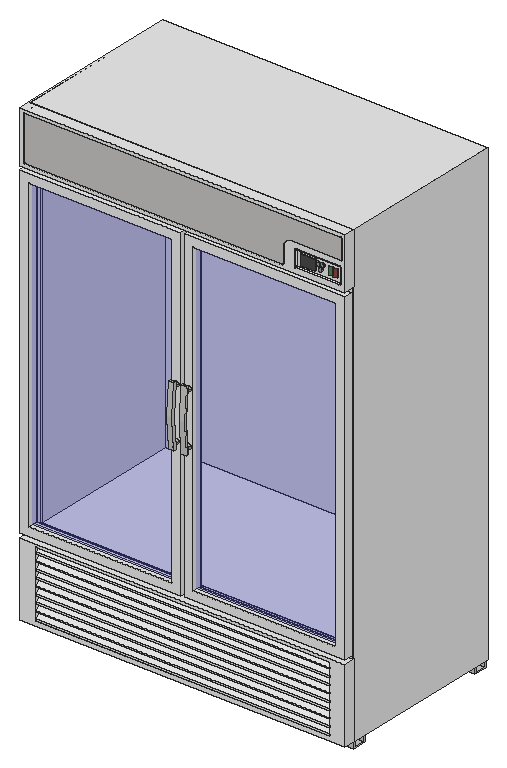
Revit family "QF_Turbo Air_TGIM-49SD", category Specialty Equipment, Revit 2012
Parameters
  Width = 4' - 6 7/16"  # constant formula
  Weight in Pounds = 665  # constant formula
  Watermarked By = "http://revitwatermark.com"
  Volts = 115 V
  URL Cutsheet = ""
  URL = "www.turboairinc.com"
  Status [instance] = ""
  Specification by User [instance] = ""
  Specification by Manufacturer [instance] = ""
  Sign Material [instance] = QF_Finishes_Turbo Air Image-Ice-2 Door
  Serial Number [instance] = ""
  Revision Code [instance] = ""
  Phase = 1
  Number of Poles [instance] = 1
  NAFEM Spec ID Number [instance] = ""
  Model = "TGIM-49"
  Masterspec [instance] = ""
  Manufacturer = "Turbo Air"  # constant formula
  Legs [instance] = not(Casters)  # yes
  Item Number [instance] = "-"
  Installed By [instance] = ""
  HP = "2/3"
  Furnished By [instance] = ""
  Foodservice Equipment Identifier = yes
  FL Amps = 11.8 A
  Electrical Remarks [instance] = ""
  Electric Connection Type [instance] = ""
  Elec Conn RI Height [instance] = 0' - 0"
  Elec Conn Connection Height [instance] = if(Casters, 0' 11", 0' 6")  # 0' - 6"
  Description = "Ice Merchandiser"
  Depth = 2' - 5 13/16"  # constant formula
  Cycle = 60 Hz
  Conn Plug = "NEMA 5-15P"
  CasterLeg Height [instance] = if(Casters, 0' 5", 0' 0 1/2")  # 0' - 0 1/2"
  CSI MasterFormat = "11 41 13"
  Assembly Code = "E1090320"
  Apparent Power = if(Phase = 3, Volts * FL Amps * 1.73, Volts * FL Amps)  # 1357 VA
  Casters [instance] = no
Reference planes (in)
  plane 1: z = 0
  plane 2 "LEFT": x = -20.72594
  plane 3 "RIGHT": x = 33.71156
  plane 4 "BACK": y = 2.6875
  plane 5 "Front of Door": y = -27.125
  plane 6 "Top of Door": z = 69.25
  plane 7 "Top of Lower Cowl": z = 14
  plane 8 "Front of Box": y = -25.25
  plane 9 "Bottom of Door": z = 14.6875
  plane 10 "Bottom of Lower Cowl": z = 1.625
  plane 11 "Bottom": z = 0.5
  plane 12 "TOP": z = 78.5625
  plane 13 "Bottom of Top Display": z = 69.875
  plane 14: x = 6.21156
  plane 15: x = 6.77406
Forms (in)
  Extrusion 1, solid, material "QF_Finishes_White"
    sketch origin (0, 2.6875, 0) x (1, 0, 0) y (0, 0, 1)
      loop
        line (-20.72594, 1.625) -> (33.71156, 1.625) -> (33.71156, 78.5625) -> (-20.72594, 78.5625) -> (-20.72594, 1.625)
      loop
        line (-20.60094, 78.4375) -> (-20.60094, 1.75) -> (33.58656, 1.75) -> (33.58656, 78.4375) -> (-20.60094, 78.4375)
    from 0 to 27.9375
  Extrusion 2, solid, material "QF_Finishes_White"
    sketch origin (0, 2.6875, 0) x (1, 0, 0) y (0, 0, 1)
      loop
        line (-20.60094, 78.4375) -> (-20.60094, 1.75) -> (33.58656, 1.75) -> (33.58656, 78.4375) -> (-20.60094, 78.4375)
    from 0 to 0.125
  Extrusion 3, solid, material "QF_Finishes_White"
    sketch origin (0, -25.25, 0) x (1, 0, 0) y (0, 0, 1)
      loop
        line (-18.72594, 67.25) -> (-18.72594, 16) -> (31.71156, 16) -> (31.71156, 67.25) -> (-18.72594, 67.25)
      loop
        line (-20.60094, 78.4375) -> (-20.60094, 1.75) -> (33.58656, 1.75) -> (33.58656, 78.4375) -> (-20.60094, 78.4375)
      loop
        line (-19.22594, 1.875) -> (32.21156, 1.875) -> (32.21156, 13.8125) -> (-19.22594, 13.8125) -> (-19.22594, 1.875)
    from 0 to -0.125
  Extrusion 4, solid, material "QF_Finishes_White"
    sketch origin (-20.72594, 0, 0) x (0, 1, 0) y (0, 0, 1)
      loop
        line (-25.125, 14.125) -> (2.5625, 14.125) -> (2.5625, 78.4375) -> (-25.125, 78.4375) -> (-25.125, 67.25) -> (-23.25, 67.25) -> (-23.25, 76.5625) -> (0.6875, 76.5625) -> (0.6875, 16) -> (-25.125, 16) -> (-25.125, 14.125)
    from 0.125 to 54.3125
  Extrusion 5, solid, material "QF_Finishes_White"
    sketch origin (-20.72594, 0, 0) x (0, 1, 0) y (0, 0, 1)
      loop
        line (-25.125, 16) -> (0.6875, 16) -> (0.6875, 76.5625) -> (-23.25, 76.5625) -> (-23.25, 67.25) -> (-25.125, 67.25) -> (-25.125, 16)
    from 0.125 to 2
  Extrusion 6, solid, material "QF_Finishes_White"
    sketch origin (33.71156, 0, 0) x (0, 1, 0) y (0, 0, 1)
      loop
        line (-25.125, 16) -> (0.6875, 16) -> (0.6875, 76.5625) -> (-23.25, 76.5625) -> (-23.25, 67.25) -> (-25.125, 67.25) -> (-25.125, 16)
    from -0.125 to -2
  Extrusion 7, solid, material "QF_Finishes_Black"
    sketch origin (0, -25.25, 0) x (1, 0, 0) y (0, 0, 1)
      loop
        line (-19.41344, 67.9375) -> (-19.41344, 15.3125) -> (4.89906, 15.3125) -> (4.89906, 67.9375) -> (-19.41344, 67.9375)
      loop
        line (32.39906, 67.9375) -> (8.08656, 67.9375) -> (8.08656, 15.3125) -> (32.39906, 15.3125) -> (32.39906, 67.9375)
      loop
        line (-19.53844, 68.0625) -> (-19.53844, 15.1875) -> (5.02406, 15.1875) -> (5.02406, 68.0625) -> (-19.53844, 68.0625)
      loop
        line (32.52406, 68.0625) -> (7.96156, 68.0625) -> (7.96156, 15.1875) -> (32.52406, 15.1875) -> (32.52406, 68.0625)
    from 0 to 0.4375
  Extrusion 8, solid, material "QF_Finishes_White"
    sketch origin (0, 2.6875, 0) x (1, 0, 0) y (0, 0, 1)
      loop
        circle (27.46156, 6) r 0.25
    from 0 to -0.0625
  Extrusion 9, solid, material "QF_Finishes_Stainless Steel"
    sketch origin (-20.72594, 0, 0) x (0, 1, 0) y (0, 0, 1)
      loop
        line (-25.0625, 1.625) -> (-25.0625, 0.5) -> (-22.875, 0.5) -> (-22.875, 1.625) -> (-23, 1.625) -> (-23, 0.625) -> (-24.9375, 0.625) -> (-24.9375, 1.625) -> (-25.0625, 1.625)
      loop
        line (0.3125, 1.625) -> (0.3125, 0.5) -> (2.5, 0.5) -> (2.5, 1.625) -> (2.375, 1.625) -> (2.375, 0.625) -> (0.4375, 0.625) -> (0.4375, 1.625) -> (0.3125, 1.625)
    from 0.125 to 54.3125
  Extrusion 10, solid, material "QF_Finishes_Stainless Steel", visible <- "Legs"
    sketch origin (0, 0, 0) x (1, 0, 0) y (0, 1, 0)
      loop
        circle (-18.41344, 1.40625) r 0.5625
      loop
        circle (-18.41344, -23.96875) r 0.5625
    from 0 to 0.5
  Extrusion 11, solid, material "QF_Finishes_Stainless Steel", visible <- "Legs"
    sketch origin (23.4375, 0, 0) x (1, 0, 0) y (0, 1, 0)
      loop
        circle (7.96156, 1.40625) r 0.5625
      loop
        circle (7.96156, -23.96875) r 0.5625
    from 0 to 0.5
  Extrusion 12, solid, material "QF_Finishes_Black"
    sketch origin (2.25, -27.125, 60.03125) x (1, 0, 0) y (0, 0, 1)
      loop
        arc (23.83656, 11.34375) -> (23.87317, 11.25536) -> (23.96156, 11.21875) r 0.125
        line (23.96156, 11.21875) -> (26.27406, 11.21875)
        arc (26.27406, 11.21875) -> (26.36245, 11.25536) -> (26.39906, 11.34375) r 0.125
        line (26.39906, 11.34375) -> (26.39906, 12.90625)
        arc (26.39906, 12.90625) -> (26.36245, 12.99464) -> (26.27406, 13.03125) r 0.125
        line (26.27406, 13.03125) -> (23.96156, 13.03125)
        arc (23.96156, 13.03125) -> (23.87317, 12.99464) -> (23.83656, 12.90625) r 0.125
        line (23.83656, 12.90625) -> (23.83656, 11.34375)
    from -0.25 to -0.1875
  Extrusion 13, solid, material "QF_Finishes_Medium Grey"
    sketch origin (2.25, -27.125, 60.03125) x (1, 0, 0) y (0, 0, 1)
      loop
        circle (26.83656, 12.5) r 0.3125
      loop
        circle (27.52406, 12.5) r 0.3125
      loop
        circle (27.18031, 11.6875) r 0.3125
    from -0.25 to -0.1875
  Extrusion 14, solid, material "QF_Finishes_LED - Green Off"
    sketch origin (2.25, -27.125, 60.03125) x (1, 0, 0) y (0, 0, 1)
      loop
        line (28.52406, 11.4375) -> (29.21156, 11.4375) -> (29.21156, 12.8125) -> (28.52406, 12.8125) -> (28.52406, 11.4375)
    from -0.25 to -0.1875
  Extrusion 15, solid, material "QF_Finishes_LED - Red Off"
    sketch origin (3.0625, -27.125, 60.03125) x (1, 0, 0) y (0, 0, 1)
      loop
        line (28.52406, 11.4375) -> (29.21156, 11.4375) -> (29.21156, 12.8125) -> (28.52406, 12.8125) -> (28.52406, 11.4375)
    from -0.25 to -0.1875
  Extrusion 16, solid, material "QF_Finishes_White"
    sketch origin (0, -25.25, 0) x (1, 0, 0) y (0, 0, 1)
      loop
        line (-20.72594, 78.5625) -> (-20.72594, 69.875) -> (33.71156, 69.875) -> (33.71156, 78.5625) -> (-20.72594, 78.5625)
      loop
        arc (-20.16344, 70.625) -> (-20.10852, 70.49242) -> (-19.97594, 70.4375) r 0.1875
        line (-19.97594, 70.4375) -> (23.21156, 70.4375)
        arc (23.21156, 70.4375) -> (23.34414, 70.49242) -> (23.39906, 70.625) r 0.1875
        line (23.39906, 70.625) -> (23.39906, 73.1875)
        arc (23.39906, 73.1875) -> (23.76518, 74.07138) -> (24.64906, 74.4375) r 1.25
        line (24.64906, 74.4375) -> (32.96156, 74.4375)
        arc (32.96156, 74.4375) -> (33.09414, 74.49242) -> (33.14906, 74.625) r 0.1875
        line (33.14906, 74.625) -> (33.14906, 77.8125)
        arc (33.14906, 77.8125) -> (33.09414, 77.94508) -> (32.96156, 78) r 0.1875
        line (32.96156, 78) -> (-19.97594, 78)
        arc (-19.97594, 78) -> (-20.10852, 77.94508) -> (-20.16344, 77.8125) r 0.1875
        line (-20.16344, 77.8125) -> (-20.16344, 70.625)
      loop
        line (32.71156, 73.625) -> (25.52406, 73.625)
        arc (25.52406, 73.625) -> (25.30309, 73.53347) -> (25.21156, 73.3125) r 0.3125
        line (25.21156, 73.3125) -> (25.21156, 71)
        arc (25.21156, 71) -> (25.30309, 70.77903) -> (25.52406, 70.6875) r 0.3125
        line (25.52406, 70.6875) -> (32.71156, 70.6875)
        arc (32.71156, 70.6875) -> (32.93253, 70.77903) -> (33.02406, 71) r 0.3125
        line (33.02406, 71) -> (33.02406, 73.3125)
        arc (33.02406, 73.3125) -> (32.93253, 73.53347) -> (32.71156, 73.625) r 0.3125
    from 0 to 1.875
  Sweep 17, solid, material "QF_Finishes_White"
    path origin (0, -27.125, 0) x (1, 0, 0) y (0, 0, 1)
      loop
        arc (25.52406, 73.625) -> (25.30309, 73.53347) -> (25.21156, 73.3125) r 0.3125
        line (25.21156, 73.3125) -> (25.21156, 71)
        arc (25.21156, 71) -> (25.30309, 70.77903) -> (25.52406, 70.6875) r 0.3125
        line (25.52406, 70.6875) -> (32.71156, 70.6875)
        arc (32.71156, 70.6875) -> (32.93253, 70.77903) -> (33.02406, 71) r 0.3125
        line (33.02406, 71) -> (33.02406, 73.3125)
        arc (33.02406, 73.3125) -> (32.93253, 73.53347) -> (32.71156, 73.625) r 0.3125
        line (32.71156, 73.625) -> (25.52406, 73.625)
    profile origin (29.11781, -27.125, 73.625) x (0, 0, 1) y (0, -1, 0)
      loop
        line (0, 0) -> (-0.25, -0.25) -> (0, -0.25) -> (0, 0)
  Extrusion 18, solid, material "QF_Finishes_White"
    sketch origin (0, -25.25, 0) x (1, 0, 0) y (0, 0, 1)
      loop
        line (25.46156, 73.3125) -> (25.46156, 71)
        arc (25.46156, 71) -> (25.47987, 70.95581) -> (25.52406, 70.9375) r 0.0625
        line (25.52406, 70.9375) -> (32.71156, 70.9375)
        arc (32.71156, 70.9375) -> (32.75575, 70.95581) -> (32.77406, 71) r 0.0625
        line (32.77406, 71) -> (32.77406, 73.3125)
        arc (32.77406, 73.3125) -> (32.75575, 73.35669) -> (32.71156, 73.375) r 0.0625
        line (32.71156, 73.375) -> (25.52406, 73.375)
        arc (25.52406, 73.375) -> (25.47987, 73.35669) -> (25.46156, 73.3125) r 0.0625
    from 0 to 1.625
  Extrusion 19, solid, material "QF_Finishes_Turbo Air Image-Ice-2 Door"
    sketch origin (0, -25.25, 0) x (1, 0, 0) y (0, 0, 1)
      loop
        line (-20.16344, 77.8125) -> (-20.16344, 70.625)
        arc (-20.16344, 70.625) -> (-20.10852, 70.49242) -> (-19.97594, 70.4375) r 0.1875
        line (-19.97594, 70.4375) -> (23.21156, 70.4375)
        arc (23.21156, 70.4375) -> (23.34414, 70.49242) -> (23.39906, 70.625) r 0.1875
        line (23.39906, 70.625) -> (23.39906, 73.1875)
        arc (23.39906, 73.1875) -> (23.76518, 74.07138) -> (24.64906, 74.4375) r 1.25
        line (24.64906, 74.4375) -> (32.96156, 74.4375)
        arc (32.96156, 74.4375) -> (33.09414, 74.49242) -> (33.14906, 74.625) r 0.1875
        line (33.14906, 74.625) -> (33.14906, 77.8125)
        arc (33.14906, 77.8125) -> (33.09414, 77.94508) -> (32.96156, 78) r 0.1875
        line (32.96156, 78) -> (-19.97594, 78)
        arc (-19.97594, 78) -> (-20.10852, 77.94508) -> (-20.16344, 77.8125) r 0.1875
    from 0 to 1.875
  Extrusion 20, solid, material "QF_Finishes_White"
    sketch origin (0, -25.25, 0) x (1, 0, 0) y (0, 0, 1)
      loop
        line (-20.72594, 14) -> (-20.72594, 1.625) -> (33.71156, 1.625) -> (33.71156, 14) -> (-20.72594, 14)
      loop
        line (-18.16344, 2.4375) -> (31.14906, 2.4375) -> (31.14906, 13.5625) -> (-18.16344, 13.5625) -> (-18.16344, 2.4375)
    from 0 to 1.875
  Extrusion 21, solid, material "QF_Finishes_White"
    sketch origin (-20.72594, 0, 0) x (0, 1, 0) y (0, 0, 1)
      loop
        line (-27.125, 2.4375) -> (-27, 2.4375) -> (-27, 2.63572) -> (-26.41161, 3.22411) -> (-26.5, 3.3125) -> (-27.125, 2.6875) -> (-27.125, 2.4375)
      loop
        line (-27.125, 3.6875) -> (-27, 3.6875) -> (-27, 3.88572) -> (-26.41161, 4.47411) -> (-26.5, 4.5625) -> (-27.125, 3.9375) -> (-27.125, 3.6875)
      loop
        line (-27.125, 4.9375) -> (-27, 4.9375) -> (-27, 5.13572) -> (-26.41161, 5.72411) -> (-26.5, 5.8125) -> (-27.125, 5.1875) -> (-27.125, 4.9375)
      loop
        line (-27.125, 6.1875) -> (-27, 6.1875) -> (-27, 6.38572) -> (-26.41161, 6.97411) -> (-26.5, 7.0625) -> (-27.125, 6.4375) -> (-27.125, 6.1875)
      loop
        line (-27.125, 7.4375) -> (-27, 7.4375) -> (-27, 7.63572) -> (-26.41161, 8.22411) -> (-26.5, 8.3125) -> (-27.125, 7.6875) -> (-27.125, 7.4375)
      loop
        line (-27.125, 8.6875) -> (-27, 8.6875) -> (-27, 8.88572) -> (-26.41161, 9.47411) -> (-26.5, 9.5625) -> (-27.125, 8.9375) -> (-27.125, 8.6875)
      loop
        line (-27.125, 9.9375) -> (-27, 9.9375) -> (-27, 10.13572) -> (-26.41161, 10.72411) -> (-26.5, 10.8125) -> (-27.125, 10.1875) -> (-27.125, 9.9375)
      loop
        line (-27.125, 11.1875) -> (-27, 11.1875) -> (-27, 11.38572) -> (-26.41161, 11.97411) -> (-26.5, 12.0625) -> (-27.125, 11.4375) -> (-27.125, 11.1875)
      loop
        line (-27.125, 12.4375) -> (-27, 12.4375) -> (-27, 12.63572) -> (-26.41161, 13.22411) -> (-26.5, 13.3125) -> (-27.125, 12.6875) -> (-27.125, 12.4375)
    from 2.5625 to 51.875
Lines and regions (in)
  symbolic lines
    curve 1: line (-20.72594, 2.6875, 0) -> (33.71156, 2.6875, 0)
    curve 2: line (-20.72594, -27.125, 0) -> (-20.72594, 2.6875, 0)
    curve 3: line (33.71156, -27.125, 0) -> (-20.72594, -27.125, 0)
    curve 4: line (33.71156, 2.6875, 0) -> (33.71156, -27.125, 0)
  symbolic lines, style "QF_Clearances", detail levels coarse
    curve 5: line (-20.72594, -27.125, 0) -> (-20.72594, -54.0625, 0)
    curve 6: line (33.71156, -54.0625, 0) -> (33.71156, -27.125, 0)
    curve 7: arc (-20.72594, -54.0625, 0) -> (-1.67825, -46.17269, 0) -> (6.21156, -27.125, 0) r 26.9375
    curve 8: arc (33.71156, -54.0625, 0) -> (14.66387, -46.17269, 0) -> (6.77406, -27.125, 0) r 26.9375
Dimensions and locks (in)
  "Width": plane 3 "RIGHT" to plane 2 "LEFT"
  "Depth": plane 5 "Front of Door" to plane 4 "BACK"
  locked: plane 5 "Front of Door" to plane 8 "Front of Box" at 1.875
  locked: Extrusion 1 sketch curve to plane 2 "LEFT" at 0.125
  locked: Extrusion 1 sketch curve to plane 3 "RIGHT" at 0.125
  locked: Extrusion 3 sketch curve to plane 2 "LEFT" at 2
  locked: plane 6 "Top of Door" to Extrusion 3 sketch curve at 2
  locked: Extrusion 3 sketch curve to plane 3 "RIGHT" at 2
  locked: Extrusion 3 sketch curve to plane 7 "Top of Lower Cowl" at 2
  locked: plane 8 "Front of Box" to Extrusion 4 sketch curve at 0.125  (x2)
  locked: Extrusion 4 sketch curve to plane 4 "BACK" at 0.125
  locked: plane 7 "Top of Lower Cowl" to Extrusion 4 sketch curve at 0.125
  locked: Extrusion 4 sketch curve to Extrusion 4 sketch curve at 1.875  (x4)
  locked: plane 8 "Front of Box" to Extrusion 5 sketch curve at 0.125
  locked: plane 6 "Top of Door" to Extrusion 5 sketch curve at 2
  locked: Extrusion 5 sketch curve to plane 4 "BACK" at 2
  locked: plane 7 "Top of Lower Cowl" to Extrusion 5 sketch curve at 2
  locked: plane 6 "Top of Door" to Extrusion 6 sketch curve at 2
  locked: plane 7 "Top of Lower Cowl" to Extrusion 6 sketch curve at 2
  locked: Extrusion 6 sketch curve to plane 4 "BACK" at 2
  locked: plane 8 "Front of Box" to Extrusion 6 sketch curve at 0.125
  locked: Extrusion 7 sketch curve to Extrusion 7 sketch curve at 0.125  (x8)
  locked: Extrusion 7 sketch curve to plane 7 "Top of Lower Cowl" at 1.1875  (x2)
  locked: Extrusion 7 sketch curve to plane 2 "LEFT" at 1.1875
  locked: plane 6 "Top of Door" to Extrusion 7 sketch curve at 1.1875  (x2)
  locked: Extrusion 7 sketch curve to plane 3 "RIGHT" at 1.1875
  locked: plane 7 "Top of Lower Cowl" to plane 10 "Bottom of Lower Cowl" at 12.375
  locked: Extrusion 1 sketch curve to plane 10 "Bottom of Lower Cowl" at 0.125
  locked: plane 10 "Bottom of Lower Cowl" to plane 11 "Bottom" at 1.125
  "CasterLeg Height": plane 11 "Bottom" to level
  locked: Extrusion 9 sketch curve to Extrusion 9 sketch curve at 0.125  (x4)
  locked: plane 8 "Front of Box" to Extrusion 9 sketch curve at 0.1875
  locked: plane 11 "Bottom" to Extrusion 9 sketch curve at 0.125  (x2)
  locked: Extrusion 9 sketch curve to plane 4 "BACK" at 0.1875
  locked: Extrusion 9 sketch curve to Extrusion 9 sketch curve at 1.9375  (x2)
  locked: plane 2 "LEFT" to Extrusion 9 at 0.125
  locked: plane 3 "RIGHT" to Extrusion 9 at 0.125
  locked: Extrusion 10 sketch curve to plane 4 "BACK" at 1.28125
  locked: plane 2 "LEFT" to Extrusion 10 sketch curve at 2.3125  (x2)
  locked: plane 8 "Front of Box" to Extrusion 10 sketch curve at 1.28125
  locked: Extrusion 11 sketch curve to plane 4 "BACK" at 1.28125
  locked: Extrusion 11 sketch curve to plane 3 "RIGHT" at 2.3125  (x2)
  locked: plane 8 "Front of Box" to Extrusion 11 sketch curve at 1.28125
  locked: plane 2 "LEFT" to nested 1 at 2.3125
  locked: nested 1 to plane 4 "BACK" at 1.28125
  locked: nested 2 to plane 4 "BACK" at 1.28125
  locked: nested 2 to plane 3 "RIGHT" at 2.3125
  locked: plane 8 "Front of Box" to nested 3 at 1.28125
  locked: plane 2 "LEFT" to nested 3 at 2.3125
  locked: nested 4 to plane 3 "RIGHT" at 2.3125
  locked: plane 8 "Front of Box" to nested 4 at 1.28125
  locked: Extrusion 8 sketch curve to plane 11 "Bottom" at 5.5
  locked: plane 12 "TOP" to plane 13 "Bottom of Top Display" at 8.6875
  locked: plane 12 "TOP" to Extrusion 1 sketch curve at 0.125
  locked: Extrusion 4 sketch curve to plane 12 "TOP" at 0.125
  locked: Extrusion 4 sketch curve to plane 6 "Top of Door" at 2
  locked: plane 8 "Front of Box" to Extrusion 6 sketch curve at 2
  locked: Extrusion 6 sketch curve to plane 12 "TOP" at 2
  locked: plane 8 "Front of Box" to Extrusion 5 sketch curve at 2
  locked: plane 12 "TOP" to Extrusion 5 sketch curve at 2
  locked: plane 9 "Bottom of Door" to plane 7 "Top of Lower Cowl" at 0.6875
  locked: plane 13 "Bottom of Top Display" to plane 6 "Top of Door" at 0.625
  locked: plane 6 "Top of Door" to plane 9 "Bottom of Door" at 54.5625
  locked: Extrusion 3 sketch curve to plane 2 "LEFT" at 1.5
  locked: Extrusion 3 sketch curve to plane 3 "RIGHT" at 1.5
  locked: Extrusion 3 sketch curve to plane 10 "Bottom of Lower Cowl" at 0.25
  locked: Extrusion 3 sketch curve to plane 10 "Bottom of Lower Cowl" at 0.125
  locked: plane 7 "Top of Lower Cowl" to Extrusion 3 sketch curve at 0.1875
  locked: plane 3 "RIGHT" to Extrusion 8 sketch curve at 6.25
  locked: plane 2 "LEFT" to plane 14 at 26.9375
  locked: plane 15 to plane 3 "RIGHT" at 26.9375
  locked: Extrusion 7 sketch curve to plane 14 at 1.1875
  locked: Extrusion 7 sketch curve to plane 15 at 1.1875
  locked: Extrusion 20 sketch curve to plane 2 "LEFT" at 2.5625
  locked: plane 7 "Top of Lower Cowl" to Extrusion 20 sketch curve at 0.4375
  locked: Extrusion 20 sketch curve to plane 10 "Bottom of Lower Cowl" at 0.8125
  locked: Extrusion 20 sketch curve to plane 3 "RIGHT" at 2.5625
  aligned and locked: level to plane 1
  aligned and locked: Extrusion 1 sketch curve to plane 3 "RIGHT"
  aligned and locked: plane 2 "LEFT" to Extrusion 1 sketch curve
  aligned and locked: plane 8 "Front of Box" to Extrusion 1
  aligned and locked: Extrusion 2 sketch curve to Extrusion 1  (x2)
  aligned and locked: Extrusion 3 sketch curve to Extrusion 1  (x2)
  aligned and locked: Extrusion 4 to Extrusion 1  (x2)
  aligned and locked: Extrusion 5 to Extrusion 1
  aligned and locked: Extrusion 1 to Extrusion 6
  aligned and locked: plane 4 "BACK" to curve 1
  aligned and locked: plane 2 "LEFT" to curve 2
  aligned and locked: curve 4 to plane 3 "RIGHT"
  aligned and locked: plane 10 "Bottom of Lower Cowl" to Extrusion 1 sketch curve
  aligned and locked: Extrusion 9 sketch curve to plane 10 "Bottom of Lower Cowl"  (x4)
  aligned and locked: Extrusion 9 sketch curve to plane 11 "Bottom"  (x2)
  aligned and locked: plane 11 "Bottom" to Extrusion 10
  aligned and locked: plane 11 "Bottom" to Extrusion 11
  aligned and locked: Extrusion 1 sketch curve to plane 12 "TOP"
  aligned and locked: plane 5 "Front of Door" to nested 5
  aligned and locked: nested 5 to plane 9 "Bottom of Door"
  aligned and locked: plane 3 "RIGHT" to nested 5
  aligned and locked: plane 15 to nested 5
  aligned and locked: nested 6 to plane 9 "Bottom of Door"
  aligned and locked: plane 14 to nested 6
  aligned and locked: plane 2 "LEFT" to nested 6
  aligned and locked: Extrusion 16 sketch curve to plane 12 "TOP"
  aligned and locked: plane 2 "LEFT" to Extrusion 16 sketch curve
  aligned and locked: plane 13 "Bottom of Top Display" to Extrusion 16 sketch curve
  aligned and locked: Extrusion 16 sketch curve to plane 3 "RIGHT"
  aligned and locked: plane 5 "Front of Door" to Extrusion 16
  aligned and locked: curve 3 to plane 5 "Front of Door"
  aligned and locked: plane 5 "Front of Door" to Extrusion 19
  aligned and locked: Extrusion 20 sketch curve to plane 7 "Top of Lower Cowl"
  aligned and locked: plane 2 "LEFT" to Extrusion 20 sketch curve
  aligned and locked: plane 10 "Bottom of Lower Cowl" to Extrusion 20 sketch curve
  aligned and locked: Extrusion 20 sketch curve to plane 3 "RIGHT"
  aligned and locked: plane 5 "Front of Door" to Extrusion 20
  aligned and locked: Extrusion 21 to Extrusion 20  (x2)
Automatic sketch dimensions
  plane 10 "Bottom of Lower Cowl" to Extrusion 2 sketch curve = 0' - 0 1/8"
  Extrusion 2 sketch curve to plane 12 "TOP" = 0' - 0 1/8"
  Extrusion 3 sketch curve to plane 12 "TOP" = 0' - 0 1/8"
  plane 7 "Top of Lower Cowl" to Extrusion 12 sketch curve = 4' - 9 3/8"
  Extrusion 12 sketch curve to plane 3 "RIGHT" = 0' - 7 5/8"
  Extrusion 12 sketch curve to Extrusion 12 sketch curve = 0' - 0 1/8"  (x3)
  Extrusion 12 sketch curve to Extrusion 12 sketch curve = 0' - 2 5/16"
  Extrusion 12 sketch curve to Extrusion 12 sketch curve = 0' - 0"
  plane 7 "Top of Lower Cowl" to Extrusion 12 sketch curve = 4' - 10 15/16"
  plane 7 "Top of Lower Cowl" to Extrusion 13 sketch curve = 4' - 10 17/32"
  Extrusion 13 sketch curve to plane 3 "RIGHT" = 0' - 4 5/8"
  Extrusion 13 sketch curve to Extrusion 13 sketch curve = 0' - 0 11/32"
  Extrusion 13 sketch curve to Extrusion 13 sketch curve = 0' - 0 11/16"
  Extrusion 13 sketch curve to Extrusion 13 sketch curve = 0' - 0"
  Extrusion 13 sketch curve to Extrusion 13 sketch curve = 0' - 0 13/16"
  plane 7 "Top of Lower Cowl" to Extrusion 14 sketch curve = 4' - 10 27/32"
  Extrusion 14 sketch curve to plane 3 "RIGHT" = 0' - 2 15/16"
  Extrusion 14 sketch curve to Extrusion 14 sketch curve = 0' - 0 11/16"
  Extrusion 14 sketch curve to Extrusion 14 sketch curve = 0' - 1 3/8"
  plane 7 "Top of Lower Cowl" to Extrusion 15 sketch curve = 4' - 10 27/32"
  Extrusion 15 sketch curve to plane 3 "RIGHT" = 0' - 2 1/8"
  Extrusion 15 sketch curve to Extrusion 15 sketch curve = 0' - 0 11/16"
  Extrusion 15 sketch curve to Extrusion 15 sketch curve = 0' - 1 3/8"
  plane 2 "LEFT" to Extrusion 16 sketch curve = 0' - 0 9/16"
  Extrusion 16 sketch curve to Extrusion 16 sketch curve = 0' - 0 3/16"  (x4)
  plane 13 "Bottom of Top Display" to Extrusion 16 sketch curve = 0' - 0 9/16"
  Extrusion 16 sketch curve to plane 3 "RIGHT" = 0' - 10 1/2"
  Extrusion 16 sketch curve to Extrusion 16 sketch curve = 0' - 1 1/4"
  Extrusion 16 sketch curve to plane 3 "RIGHT" = 0' - 0 3/4"  (x2)
  Extrusion 16 sketch curve to Extrusion 16 sketch curve = 0' - 2 9/16"
  Extrusion 16 sketch curve to plane 12 "TOP" = 0' - 0 3/4"
  plane 13 "Bottom of Top Display" to Sweep 17 sketch curve = 0' - 3 7/16"
  Sweep 17 sketch curve to plane 3 "RIGHT" = 0' - 8 1/2"
  Sweep 17 sketch curve to Sweep 17 sketch curve = 0' - 0 5/16"  (x3)
  Sweep 17 sketch curve to plane 3 "RIGHT" = 0' - 1"  (x2)
  plane 13 "Bottom of Top Display" to Sweep 17 sketch curve = 0' - 1 1/8"
  profile plane to Sweep 17 sketch curve = 0' - 0"
  Sweep 17 sketch curve to plane 5 "Front of Door" = 0' - 0"
  profile plane to Sweep 17 sketch curve = 0' - 0 1/4"
  Sweep 17 sketch curve to plane 5 "Front of Door" = 0' - 0 1/4"
  Extrusion 16 sketch curve to Extrusion 16 sketch curve = 0' - 0 9/16"
  Extrusion 16 sketch curve to Extrusion 16 sketch curve = 0' - 0 5/16"  (x4)
  Extrusion 16 sketch curve to Extrusion 16 sketch curve = 0' - 0 1/4"
  Extrusion 16 sketch curve to Extrusion 16 sketch curve = 0' - 0 1/8"
  plane 13 "Bottom of Top Display" to Extrusion 16 sketch curve = 0' - 1 1/8"
  plane 13 "Bottom of Top Display" to Extrusion 18 sketch curve = 0' - 3 7/16"
  Extrusion 18 sketch curve to plane 3 "RIGHT" = 0' - 8 1/4"
  Extrusion 18 sketch curve to Extrusion 18 sketch curve = 0' - 0 1/16"  (x4)
  Extrusion 18 sketch curve to plane 3 "RIGHT" = 0' - 1"
  plane 13 "Bottom of Top Display" to Extrusion 18 sketch curve = 0' - 1 1/16"
  plane 2 "LEFT" to Extrusion 19 sketch curve = 0' - 0 9/16"
  Extrusion 19 sketch curve to Extrusion 19 sketch curve = 0' - 0 3/16"  (x5)
  plane 13 "Bottom of Top Display" to Extrusion 19 sketch curve = 0' - 0 9/16"
  Extrusion 19 sketch curve to plane 3 "RIGHT" = 0' - 10 1/2"
  Extrusion 19 sketch curve to plane 12 "TOP" = 0' - 0 3/4"
  Extrusion 19 sketch curve to plane 3 "RIGHT" = 0' - 0 3/4"
  Extrusion 19 sketch curve to Extrusion 19 sketch curve = 0' - 1 1/4"
  Extrusion 19 sketch curve to Extrusion 19 sketch curve = 0' - 2 9/16"
  Extrusion 21 sketch curve to plane 5 "Front of Door" = 0' - 0"  (x9)
  Extrusion 21 sketch curve to plane 5 "Front of Door" = 0' - 0 1/8"  (x9)
  Extrusion 21 sketch curve to plane 5 "Front of Door" = 0' - 0 5/8"  (x9)
  Extrusion 21 sketch curve to Extrusion 21 sketch curve = 0' - 0.08839"  (x9)
  plane 10 "Bottom of Lower Cowl" to Extrusion 21 sketch curve = 0' - 0 13/16"
  Extrusion 21 sketch curve to Extrusion 21 sketch curve = 0' - 0.19822"  (x9)
  Extrusion 21 sketch curve to Extrusion 21 sketch curve = 0' - 0.05178"  (x9)
  Extrusion 21 sketch curve to Extrusion 21 sketch curve = 0' - 0 3/8"  (x8)
  curve 7 to plane 14 = 0' - 0"
  curve 8 to plane 15 = 0' - 0"
  radius of Extrusion 8 sketch curve = 0' - 0 1/4"
  radius of Extrusion 10 sketch curve = 0' - 0 9/16"  (x2)
  radius of Extrusion 11 sketch curve = 0' - 0 9/16"  (x2)
  radius of Extrusion 13 sketch curve = 0' - 0 5/16"  (x3)
Nested families (in)
  nested 1: "FESCasterLeg" at (-18.41344, 1.40625, 0), Casters <- "Casters", type "FESCasterLeg"
    with Legs no, Height 0' - 5", Casters no, Caster Radius 0' - 2"
  nested 2: "FESCasterLeg" at (31.39906, 1.40625, 0), Casters <- "Casters", type "FESCasterLeg"
    with Legs no, Height 0' - 5", Casters no, Caster Radius 0' - 2"
  nested 3: "FESCasterLeg" at (-18.41344, -23.96875, 0), Casters <- "Casters", type "FESCasterLeg"
    with Legs no, Height 0' - 5", Casters no, Caster Radius 0' - 2"
  nested 4: "FESCasterLeg" at (31.39906, -23.96875, 0), Casters <- "Casters", type "FESCasterLeg"
    with Legs no, Height 0' - 5", Casters no, Caster Radius 0' - 2"
  nested 5: "QF_Turbo Air_RI_Glass-Door" at (21.95073, -25.6875, 14.6875), type "QF_Turbo Air_RI_Glass-Door"
    with Width 2' - 2 15/16", Symbolic Lines no, Height 4' - 6 9/16", Door Frame Material QF_Finishes_White, Depth 0' - 1 7/16"
  nested 6: "QF_Turbo Air_RI_Glass-Door" at (-8.96511, -25.6875, 14.6875) x (-1, 0, 0) z (0, 0, 1), type "QF_Turbo Air_RI_Glass-Door"
    with Width 2' - 2 15/16", Symbolic Lines no, Height 4' - 6 9/16", Door Frame Material QF_Finishes_White, Depth 0' - 1 7/16"
Connectors (in)
  electrical at (27.46156, 2.75, 6), driven by "Number of Poles", driven by "Volts", driven by "Apparent Power"
    settings: on Extrusion 8, index 1, voltage 115 V, apparent load 1357 VA, apparent load phase1 0 VA, apparent load phase2 0 VA, apparent load phase3 0 VA, power factor 1, load classification "Other", number of poles 1, system type 30, power factor state 1, is connector primary yes, connector utility no, sub classification motor no, connector description "Electric"
Definition of nested family "QF_Turbo Air_RI_Glass-Door"
  Parameters (values of type "QF_Turbo Air_RI_Glass-Door")
    Width [instance] = 2' - 4 3/4"
    Watermarked By = "http://revitwatermark.com"
    Symbolic Lines [instance] = yes
    Manufacturer = "Turbo Air"  # constant formula
    Height [instance] = 5' - 3 1/4"
    Door Frame Material [instance] = QF_Finishes_Stainless Steel
    Depth [instance] = 0' - 1 13/16"
  Reference planes (in)
    plane 1 "BACK": y = 0
    plane 2: z = 0
    plane 3 "LEFT": x = -15.17667
    plane 4: x = 13.57333
    plane 5 "FRONT": y = -1.8125
    plane 6: z = 63.25
    plane 7 "Top of Handle": z = 36.75
    plane 8 "Bottom of Handle": z = 26.5
    plane 9 "Center of Handle": z = 31.625
    plane 10: x = -13.67667
    plane 11: x = 12.07333
    plane 12: z = 61.75
    plane 13: z = 1.5
    plane 14 "Handle": x = -14.42667
  Forms (in)
    Extrusion 1, solid, material "QF_Finishes_Stainless Steel" <- "Door Frame Material"
      sketch origin (0, 0, 0) x (1, 0, 0) y (0, 0, 1)
        loop
          line (-15.17667, 63.25) -> (-15.17667, 0) -> (13.57333, 0) -> (13.57333, 63.25) -> (-15.17667, 63.25)
        loop
          line (-13.67667, 61.75) -> (-13.67667, 1.5) -> (12.07333, 1.5) -> (12.07333, 61.75) -> (-13.67667, 61.75)
      from 0 to 1.8125
    Extrusion 2, solid, material "QF_Finishes_Glass"
      sketch origin (0, 0, 0) x (1, 0, 0) y (0, 0, 1)
        loop
          line (-13.67667, 61.75) -> (-13.67667, 1.5) -> (12.07333, 1.5) -> (12.07333, 61.75) -> (-13.67667, 61.75)
      from 0.5 to 1.3125
    Extrusion 3, solid, material "QF_Finishes_Polished Steel"
      sketch origin (-14.42667, 0, 0) x (0, 1, 0) y (0, 0, 1)
        loop
          line (-2.55915, 36.75) -> (-2.875, 36.75)
          arc (-2.875, 36.75) -> (-3.24755, 31.625) -> (-2.875, 26.5) r 35.4375
          line (-2.875, 26.5) -> (-2.55915, 26.5)
          arc (-2.55915, 26.5) -> (-2.93505, 31.625) -> (-2.55915, 36.75) r 35.125
      from -0.4375 to 0.4375
    Extrusion 4, solid, material "QF_Finishes_Polished Steel"
      sketch origin (0, -1.8125, 0) x (1, 0, 0) y (0, 0, 1)
        loop
          circle (-14.42667, 35.9375) r 0.375
        loop
          circle (-14.42667, 27.3125) r 0.375
      from 0 to 1
  Lines and regions (in)
    symbolic lines, visible <- "Symbolic Lines"
      curve 1: line (-15.17667, 0, 26.5) -> (13.57333, 0, 26.5)
      curve 2: line (-15.17667, -1.8125, 26.5) -> (-15.17667, 0, 26.5)
      curve 3: line (13.57333, -1.8125, 26.5) -> (-15.17667, -1.8125, 26.5)
      curve 4: line (13.57333, 0, 26.5) -> (13.57333, -1.8125, 26.5)
      curve 5: line (-14.86417, -2.55915, 26.5) -> (-14.86417, -3.24755, 26.5)
      curve 6: line (-13.98917, -3.24755, 26.5) -> (-13.98917, -2.55915, 26.5)
      curve 7: line (-14.86417, -2.55915, 26.5) -> (-13.98917, -2.55915, 26.5)
      curve 8: line (-14.86417, -3.24755, 26.5) -> (-13.98917, -3.24755, 26.5)
      curve 9: line (-14.05167, -1.8125, 26.5) -> (-14.05167, -2.55915, 26.5)
      curve 10: line (-14.80167, -1.8125, 26.5) -> (-14.80167, -2.55915, 26.5)
  Dimensions and locks (in)
    "Width": plane 4 to plane 3 "LEFT"
    "Depth": plane 5 "FRONT" to plane 1 "BACK"
    "Height": plane 6 to plane 2
    locked: plane 7 "Top of Handle" to plane 8 "Bottom of Handle" at 10.25
    equal spacing: plane 7 "Top of Handle", plane 9 "Center of Handle", plane 8 "Bottom of Handle"
    locked: plane 13 to level at 1.5
    locked: plane 6 to plane 12 at 1.5
    equal spacing: plane 6, plane 9 "Center of Handle", level
    plane 13 to plane 8 "Bottom of Handle" = 2' - 1"
    plane 3 "LEFT" to plane 14 "Handle" to plane 10 = 0' - 0 3/4" locked, 0' - 0 3/4" locked
    locked: plane 3 "LEFT" to plane 10 at 1.5
    locked: plane 11 to plane 4 at 1.5
    locked: plane 1 "BACK" to Extrusion 2 at 0.5
    locked: Extrusion 2 to plane 5 "FRONT" at 0.5
    locked: Extrusion 3 sketch curve to plane 5 "FRONT" at 0.74665  (x2)
    locked: Extrusion 3 sketch curve to plane 5 "FRONT" at 1.0625  (x2)
    locked: plane 7 "Top of Handle" to Extrusion 4 sketch curve at 0.8125
    locked: Extrusion 4 sketch curve to plane 8 "Bottom of Handle" at 0.8125
    equal spacing: plane 10, Extrusion 4 sketch curve, plane 3 "LEFT"  (x2)
    aligned and locked: level to plane 2
    aligned and locked: Extrusion 1 sketch curve to plane 6
    aligned and locked: plane 3 "LEFT" to Extrusion 1 sketch curve
    aligned and locked: level to Extrusion 1 sketch curve
    aligned and locked: Extrusion 1 sketch curve to plane 4
    aligned and locked: plane 5 "FRONT" to Extrusion 1
    aligned and locked: Extrusion 1 sketch curve to plane 12
    aligned and locked: plane 10 to Extrusion 1 sketch curve
    aligned and locked: plane 13 to Extrusion 1 sketch curve
    aligned and locked: Extrusion 1 sketch curve to plane 11
    aligned and locked: Extrusion 2 sketch curve to plane 12
    aligned and locked: plane 10 to Extrusion 2 sketch curve
    aligned and locked: Extrusion 2 sketch curve to plane 11
    aligned and locked: plane 13 to Extrusion 2 sketch curve
    aligned and locked: plane 7 "Top of Handle" to Extrusion 3 sketch curve
    aligned and locked: plane 8 "Bottom of Handle" to Extrusion 3 sketch curve
    aligned and locked: plane 3 "LEFT" to curve 2
    aligned and locked: plane 1 "BACK" to curve 1
    aligned and locked: curve 4 to plane 4
    aligned and locked: curve 3 to plane 5 "FRONT"
    aligned and locked: curve 5 to Extrusion 3
    aligned and locked: curve 6 to Extrusion 3
    aligned and locked: curve 7 to Extrusion 3
  Automatic sketch dimensions
    Extrusion 3 sketch curve to plane 7 "Top of Handle" = 0' - 0"
    Extrusion 3 sketch curve to Extrusion 3 sketch curve = 0' - 0"
    Extrusion 3 sketch curve to plane 1 "BACK" = 2' - 8.18995"
    curve 8 to curve 5 = 0' - 0.6884"
    curve 6 to curve 9 = 0' - 0 1/16"
    curve 10 to curve 5 = 0' - 0 1/16"
    radius of Extrusion 4 sketch curve = 0' - 0 3/8"  (x2)
Definition of nested family "FESCasterLeg"
  Parameters (values of type "FESCasterLeg")
    Watermarked By = "http://revitwatermark.com"
    Type Comments = "⍁⍉⌁⌀⏭⎽⌇⍠⌜⍉⎖⌥⌦⌯⍭⏊⍻⍿⍊⏵⍊⏗⏠⍴⎡⌈⎀⍠⌓⌤⏘⎐⍀⌐⏬⏁⎈⏍⏦⎒⏬⌝⍩⍇⌣〈⎫〉⎁⏊⍥⍖⍥⍝⍦⌖⍀⏌⏭⎝⎼⏷⏞⍻⏯⎽⏷⏞⍻⏯⎽⏷⎺⌻⎝⍎⌧⏷⏟⏿⌿⍜⍦⍤⌁⍬⏶⏎⍊⏚⏉⎞⌡⎀⎪⏈⌟⌿⍾⍼⌟⌿⌢⌞⏜⏝⎽⍷⍷⍯⍧⍷⌯⍽⏸⏨⏾⏎⌣⏺⍹⏼⏅⎏⌽⎫⎪⍙⎓⏗⎗⏅⌴⍏⍏⍿⏑⎺⍘⌭⏲⍥⎛⎾⎾⍞⍌⎪⎲⌙⎥⏏⎟⎟⏼⏘⎏⎝⏧⏍⏁⍏⍧⏯⏾⌟"
    Legs [instance] = yes
    Height [instance] = 0' - 6"
    Caster Radius [instance] = if(Height < 0' 3", 0' 1", (Height / 2) - 0' 0 1/2")  # 0' - 2 1/2"
    Casters [instance] = yes
    Assembly Code = ""
  Reference planes (in)
    plane 1 "Center (Front/Back)": y = 0
    plane 2: z = 0
    plane 3 "Center (Left/Right)": x = 0
    plane 4: z = 6
    plane 5: z = 5.5
  Forms (in)
    Extrusion 1, solid, material "QF_Finishes_Stainless Steel", visible <- "Casters"
      sketch origin (-24.12131, -22.88887, 10.18833) x (0.707107, 0.707107, 0) y (0, 0, 1)
        loop
          line (34.98772, -7.68833) -> (34.98772, -4.93833) -> (34.48772, -4.93833) -> (34.39402, -4.68833) -> (32.39402, -4.68833) -> (32.39402, -5.43833) -> (33.98772, -7.34206) -> (33.98772, -7.68833)
          arc (33.98772, -7.68833) -> (34.48772, -8.18833) -> (34.98772, -7.68833) r 0.5
      from 0 to 1.75
    Extrusion 2, solid, material "QF_Finishes_Rubber Black", visible <- "Casters"
      sketch origin (-24.32327, -23.09083, 13.31461) x (0.707107, 0.707107, 0) y (0, 0, 1)
        loop
          circle (34.77334, -10.81461) r 2.5
      from 0.375 to 1.375
    Extrusion 3, solid, material "QF_Finishes_Stainless Steel", visible <- "Casters"
      sketch origin (-7.24148, -8.48391, 0) x (0.707107, 0.707107, 0) y (0, 0, 1)
        loop
          line (10.61603, 5.5) -> (11.61603, 5.5) -> (11.61603, 6) -> (10.61603, 6) -> (10.61603, 5.5)
      from 0 to -1.75
    Blend 4, solid, material "QF_Finishes_Stainless Steel", visible <- "Legs"
      base sketch origin (0, 0, 0) x (1, 0, 0) y (0, 1, 0)
        loop
          circle (0, 0) r 0.5
      top sketch origin (0, 0, 0) x (1, 0, 0) y (0, 1, 0)
        loop
          circle (0, 0) r 1
      from 0 to 6 <- "Height"
  Lines and regions (in)
    symbolic lines, style "QF_Hidden Details", visible <- "Casters", built-in parameter 1006206 <- "Casters"
      curve 1: line (-1.26158, -0.51911, 0) -> (1.39007, 2.13254, 0)
      curve 2: line (-0.53429, -1.24639, 0) -> (2.11736, 1.40526, 0)
    symbolic lines, style "QF_Hidden Details", built-in parameter 1006206 <- "Casters", visible <- "Casters"
      curve 3: line (-1.26158, -0.51911, 0) -> (1.39007, 2.13254, 0)
      curve 4: line (-0.53429, -1.24639, 0) -> (2.11736, 1.40526, 0)
  Dimensions and locks (in)
    locked: plane 4 to plane 5 at 0.5
    "Height": plane 4 to level
    "Caster Radius": Extrusion 2 sketch curve to level
    "Caster Radius": Extrusion 1 sketch curve to level
    "Caster Radius": radius of Extrusion 2 sketch curve
    aligned and locked: plane 2 to level
    aligned: Blend 4 to Extrusion 3
    aligned and locked: plane 4 to Blend 4
    aligned and locked: Extrusion 3 to plane 5
    aligned and locked: plane 4 to Extrusion 3
    aligned and locked: plane 5 to Extrusion 1
  Automatic sketch dimensions
    plane 1 "Center (Front/Back)" to curve 3 = 0' - 0.51911"
    curve 3 to plane 3 "Center (Left/Right)" = 0' - 1.26158"
    plane 1 "Center (Front/Back)" to curve 1 = 0' - 0.51911"
    curve 1 to curve 3 = 0' - 0"  (x3)
    curve 4 to plane 3 "Center (Left/Right)" = 0' - 0.53429"
    curve 2 to curve 4 = 0' - 0"  (x2)
    plane 3 "Center (Left/Right)" to curve 3 = 0' - 1.39007"
    curve 1 to curve 4 = 0' - 0.72729"
    curve 2 to curve 1 = 0' - 0.72729"
    curve 4 to curve 2 = 0' - 0"  (x2)
    curve 2 to plane 1 "Center (Front/Back)" = 0' - 1.40526"
    curve 2 to curve 3 = 0' - 0.72729"
    plane 5 to Extrusion 1 sketch curve = 0' - 0"
    Extrusion 1 sketch curve to Extrusion 1 sketch curve = 0' - 1.5937"
    Extrusion 1 sketch curve to Extrusion 1 sketch curve = 0' - 2"
    Extrusion 1 sketch curve to Extrusion 1 sketch curve = 0' - 0.0937"
    Extrusion 1 sketch curve to Extrusion 1 sketch curve = 0' - 0 1/2"
    Extrusion 1 sketch curve to Extrusion 1 sketch curve = 0' - 0.34627"
    Extrusion 1 sketch curve to plane 5 = 0' - 0 3/4"
    Extrusion 1 sketch curve to plane 5 = 0' - 0 1/4"
    Extrusion 3 sketch curve to plane 5 = 0' - 0"
    plane 4 to Extrusion 3 sketch curve = 0' - 0"
    Extrusion 3 sketch curve to Extrusion 3 sketch curve = 0' - 1"
    plane 1 "Center (Front/Back)" to Blend 4 sketch curve = 0' - 0"  (x2)
    Blend 4 sketch curve to plane 3 "Center (Left/Right)" = 0' - 0"  (x2)
    radius of Blend 4 sketch curve = 0' - 0 1/2"
    radius of Blend 4 sketch curve = 0' - 1"
